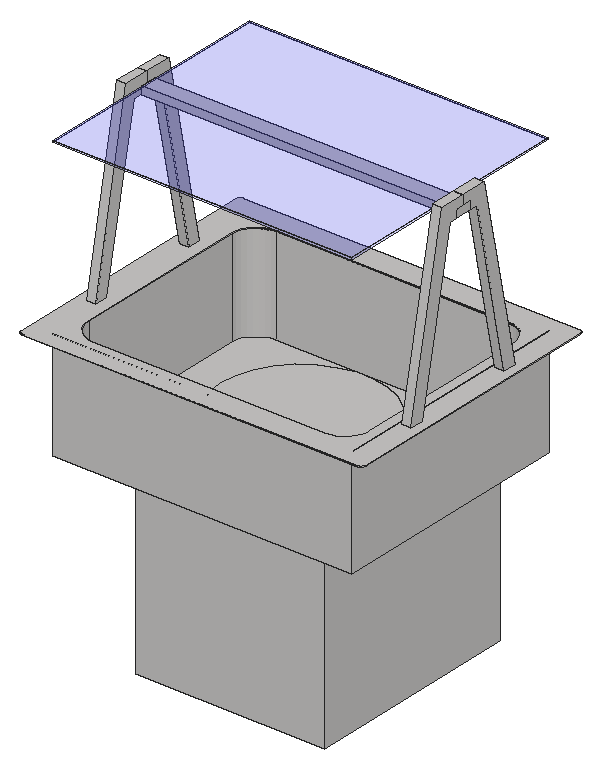
Revit family "QF_ELECTROLUXPROFESSIONAL_341174_D11C2O", category Attrezzature speciali, Revit 2020
Family settings
  Quota connettore circolare = Usa diametro
  Tipo di parte = Normale
  Basato su piano di lavoro = No
  Sempre verticale = Sì
  Taglio con vuoti quando caricato = No
  Condiviso = No
  Punto di calcolo locali = No
Parameters (values of type "Standard")
  Weight = 59.46 kg
  Watts = 0 W
  Volts = 220 V
  URL Manufacturer = "https://www.electroluxprofessional.com/"
  URL = "https://www.electroluxprofessional.com/"
  Steam Supply Size = 0 mm
  Steam Supply Minimum Pressure = 0.0 Pa
  Steam Supply Maximum Pressure = 0.0 Pa
  Steam Consumption per Hour = 0
  Refrigeration Suction Line Size = 0 mm
  Refrigeration Liquid Line Size = 0 mm
  Refrigerant Compressor Remote = yes
  Prospetto di default = 0 mm
  Produttore = "Electrolux Professional"
  Phase = 1
  Modello = "D11C2O"
  Length Actual = 770 mm  # constant formula
  Item Number = "341174"
  Hot Water Size = 0 mm
  Height Actual = 999 mm  # constant formula
  HP = "0 HP"
  Gas Size = 0 mm
  Gas KW = 0
  Gas Input Pressure = 0 W
  Direct Waste Size = 0 mm
  Descrizione = "DROP-IN REFRIGERATED WELL, STATIC WITH FAN, 2GN WITH A TYPE OVERSHELF AND LED LIGHT"
  Depth Actual = 620 mm  # constant formula
  Cycle = 50 Hz
  Condensate Return Size = 0 mm
  Compressed Air Volume = 0.0 L/s
  Compressed Air Size = 0 mm
  Compressed Air Pressure = 0.0 Pa
  Cold Water Size = 0 mm
  Accessory = yes
Reference planes
  plane 1 "BACK": y = 0
  plane 2: z = 5.426
  plane 3 "LEFT": x = 0
  plane 4: y = -620
  plane 5: z = 409.426
  plane 6: y = -310
  plane 7: x = 385
Forms (mm)
  Extrusion 1, solid, material "QF_Finishes_Stainless Steel"
    sketch origin (0, 0, 5.426) x (1, 0, 0) y (0, 1, 0)
      loop
        arc (10, 0) -> (2.929, -2.929) -> (0, -10) r 10
        line (0, -10) -> (0, -610)
        arc (0, -610) -> (2.929, -617.071) -> (10, -620) r 10
        line (10, -620) -> (760, -620)
        arc (760, -620) -> (767.071, -617.071) -> (770, -610) r 10
        line (770, -610) -> (770, -10)
        arc (770, -10) -> (767.071, -2.929) -> (760, 0) r 10
        line (760, 0) -> (10, 0)
    from 0 to 1
  Extrusion 2, solid, material "QF_Finishes_Stainless Steel"
    sketch origin (0, 0, 12.548) x (1, 0, 0) y (0, 1, 0)
      loop
        line (50, -35) -> (50, -585) -> (720, -585) -> (720, -35) -> (50, -35)
    from -251.122 to -7.122
  Extrusion 3, void
    sketch origin (0, 0, -2.817) x (1, 0, 0) y (0, 1, 0)
      loop
        arc (125, -55) -> (86.109, -71.109) -> (70, -110) r 55
        line (70, -110) -> (70, -510)
        arc (70, -510) -> (86.109, -548.891) -> (125, -565) r 55
        line (125, -565) -> (645, -565)
        arc (645, -565) -> (683.891, -548.891) -> (700, -510) r 55
        line (700, -510) -> (700, -110)
        arc (700, -110) -> (683.891, -71.109) -> (645, -55) r 55
        line (645, -55) -> (125, -55)
    from -209.107 to 9.244
  Extrusion 4, solid, material "QF_Finishes_Stainless Steel"
    sketch origin (21.5, -620, 0) x (0, -1, 0) y (0, 0, -1)
      loop
        line (-310, -409.426) -> (-250.873, -409.426) -> (-165, -5.426) -> (-195, -5.426) -> (-272.583, -370.426) -> (-310, -370.426) -> (-310, -409.426)
    from 0 to 20
  Extrusion 5, solid, material "QF_Finishes_Stainless Steel"
    sketch origin (21.5, 0, 0) x (0, 1, 0) y (0, 0, 1)
      loop
        line (-310, 409.426) -> (-310, 370.426) -> (-272.583, 370.426) -> (-195, 5.426) -> (-165, 5.426) -> (-250.873, 409.426) -> (-310, 409.426)
    from 0 to 20
  Extrusion 6, solid, material "QF_Finishes_Stainless Steel"
    sketch origin (748, -620, 0) x (0, -1, 0) y (0, 0, 1)
      loop
        line (-310, 409.426) -> (-310, 370.426) -> (-272.583, 370.426) -> (-195, 5.426) -> (-165, 5.426) -> (-250.873, 409.426) -> (-310, 409.426)
    from 0 to 20
  Extrusion 7, solid, material "QF_Finishes_Stainless Steel"
    sketch origin (748, 0, 0) x (0, 1, 0) y (0, 0, -1)
      loop
        line (-310, -409.426) -> (-250.873, -409.426) -> (-165, -5.426) -> (-195, -5.426) -> (-272.583, -370.426) -> (-310, -370.426) -> (-310, -409.426)
    from 0 to 20
  Extrusion 8, solid, material "QF_Finishes_Stainless Steel"
    sketch origin (0, 0, 0) x (0, 1, 0) y (0, 0, 1)
      loop
        line (-291.292, 370.426) -> (-291.292, 387.956) -> (-328.917, 387.956) -> (-328.917, 370.426) -> (-291.292, 370.426)
    from 21.5 to 748
  Extrusion 9, solid, material "Vetro"
    sketch origin (0, 0, 5.426) x (1, 0, 0) y (0, 1, 0)
      loop
        line (50, -35) -> (50, -585) -> (720, -585) -> (720, -35) -> (50, -35)
    from 382.529 to 387.529
  Extrusion 10, solid, material "QF_Finishes_Stainless Steel"
    sketch origin (281.31, -344.303, -643.387) x (0, 0, -1) y (0, 1, 0)
      loop
        circle (-372.814, -140.692) r 12.7
    from 5 to 70.307
  Extrusion 11, solid, material "QF_Finishes_Stainless Steel"
    sketch origin (112.975, -3, 5.426) x (1, 0, 0) y (0, 1, 0)
      loop
        circle (226.025, -481.971) r 12.675
    from -276 to -244
  Extrusion 12, solid, material "QF_Finishes_Stainless Steel"
    sketch origin (1560.693, 0, 22.375) x (-1, 0, 0) y (0, -1, 0)
      loop
        circle (1175.693, 310) r 180
    from -234.299 to -181.299
  Extrusion 13, solid, material "QF_Finishes_Stainless Steel"
    sketch origin (-25.2, 0, 0.351) x (0, 1, 0) y (0, 0, 1)
      loop
        line (-161.185, -238.924) -> (-461.185, -238.924) -> (-461.185, -268.924) -> (-161.185, -268.924) -> (-161.185, -238.924)
    from 247.74 to 572.66
  Extrusion 14, solid, material "QF_Finishes_Stainless Steel"
    sketch origin (882.74, 95, -362.649) x (0, 1, 0) y (0, 0, -1)
      loop
        line (-161.185, -124.076) -> (-161.185, 268.924) -> (-651.185, 268.924) -> (-651.185, -124.076) -> (-161.185, -124.076)
    from 247.74 to 670.28
Cuts and joins
  Extrusion 3 cuts Extrusion 1
  Extrusion 3 cuts Extrusion 2
Dimensions and locks
  equal spacing: Extrusion 1, Extrusion 2 sketch curve, Extrusion 2 sketch curve, Extrusion 1  (x2)
  Extrusion 1 to Extrusion 1 = 770 mm
  Extrusion 1 to plane 1 "BACK" = 620 mm
  equal spacing: Extrusion 2, Extrusion 3 sketch curve, Extrusion 3 sketch curve, Extrusion 2  (x2)
  plane 5 to plane 2 = 404 mm
  equal spacing: plane 3 "LEFT", plane 7, cut or joined group of Extrusion 1, Extrusion 3
  aligned and locked: level to plane 2
Automatic sketch dimensions
  Extrusion 1 sketch curve to plane 3 "LEFT" = 0 mm
  plane 4 to Extrusion 1 sketch curve = 0 mm
  plane 1 "BACK" to Extrusion 1 sketch curve = 0 mm
  plane 3 "LEFT" to Extrusion 1 sketch curve = 10 mm  (x2)
  plane 3 "LEFT" to Extrusion 2 sketch curve = 50 mm
  Extrusion 2 sketch curve to plane 4 = 35 mm
  plane 1 "BACK" to Extrusion 2 sketch curve = 35 mm
  plane 3 "LEFT" to Extrusion 3 sketch curve = 70 mm
  Extrusion 3 sketch curve to Extrusion 3 sketch curve = 55 mm  (x4)
  Extrusion 3 sketch curve to plane 4 = 55 mm
  plane 1 "BACK" to Extrusion 3 sketch curve = 110 mm
  Extrusion 4 sketch curve to plane 6 = 0 mm
  plane 5 to Extrusion 4 sketch curve = 0 mm
  Extrusion 4 sketch curve to level = 0 mm
  Extrusion 4 sketch curve to Extrusion 4 sketch curve = 37.417 mm
  Extrusion 4 sketch curve to Extrusion 4 sketch curve = 21.71 mm
  plane 6 to Extrusion 4 sketch curve = 115 mm
  Extrusion 4 sketch curve to Extrusion 4 sketch curve = 30 mm
  Extrusion 4 sketch curve to Extrusion 4 sketch curve = 39 mm
  Extrusion 5 sketch curve to plane 6 = 0 mm
  plane 5 to Extrusion 5 sketch curve = 0 mm
  Extrusion 5 sketch curve to level = 0 mm
  Extrusion 5 sketch curve to Extrusion 5 sketch curve = 37.417 mm
  Extrusion 5 sketch curve to Extrusion 5 sketch curve = 21.71 mm
  plane 6 to Extrusion 5 sketch curve = 115 mm
  Extrusion 5 sketch curve to Extrusion 5 sketch curve = 30 mm
  Extrusion 5 sketch curve to Extrusion 5 sketch curve = 39 mm
  Extrusion 6 sketch curve to plane 6 = 0 mm
  plane 5 to Extrusion 6 sketch curve = 0 mm
  Extrusion 6 sketch curve to level = 0 mm
  Extrusion 6 sketch curve to Extrusion 6 sketch curve = 37.417 mm
  Extrusion 6 sketch curve to Extrusion 6 sketch curve = 21.71 mm
  Extrusion 6 sketch curve to plane 6 = 115 mm
  Extrusion 6 sketch curve to Extrusion 6 sketch curve = 30 mm
  Extrusion 6 sketch curve to Extrusion 6 sketch curve = 39 mm
  Extrusion 7 sketch curve to plane 6 = 0 mm
  plane 5 to Extrusion 7 sketch curve = 0 mm
  Extrusion 7 sketch curve to level = 0 mm
  Extrusion 7 sketch curve to Extrusion 7 sketch curve = 37.417 mm
  Extrusion 7 sketch curve to Extrusion 7 sketch curve = 21.71 mm
  plane 6 to Extrusion 7 sketch curve = 115 mm
  Extrusion 7 sketch curve to Extrusion 7 sketch curve = 30 mm
  Extrusion 7 sketch curve to Extrusion 7 sketch curve = 39 mm
  Extrusion 8 sketch curve to plane 6 = 18.917 mm
  plane 6 to Extrusion 8 sketch curve = 18.708 mm
  plane 5 to Extrusion 8 sketch curve = 39 mm
  Extrusion 8 sketch curve to Extrusion 8 sketch curve = 17.529 mm
  plane 3 "LEFT" to Extrusion 9 sketch curve = 50 mm
  Extrusion 9 sketch curve to plane 4 = 35 mm
  plane 1 "BACK" to Extrusion 9 sketch curve = 35 mm
  Extrusion 10 sketch curve to level = 276 mm
  Extrusion 10 sketch curve to plane 4 = 135.004 mm
  Extrusion 11 sketch curve to plane 4 = 135.029 mm
  Extrusion 12 sketch curve to plane 6 = 0 mm
  Extrusion 13 sketch curve to plane 6 = 151.185 mm
  plane 6 to Extrusion 13 sketch curve = 148.815 mm
  Extrusion 13 sketch curve to level = 274 mm
  Extrusion 13 sketch curve to Extrusion 13 sketch curve = 30 mm
  Extrusion 14 sketch curve to plane 6 = 246.185 mm
  plane 6 to Extrusion 14 sketch curve = 243.815 mm
  Extrusion 14 sketch curve to level = 244 mm
  Extrusion 14 sketch curve to Extrusion 14 sketch curve = 393 mm
  plane 1 "BACK" to Extrusion 1 sketch curve = 10 mm
  Extrusion 1 sketch curve to Extrusion 1 sketch curve = 750 mm
  Extrusion 1 sketch curve to Extrusion 1 sketch curve = 10 mm
  Extrusion 2 sketch curve to Extrusion 2 sketch curve = 670 mm
  Extrusion 3 sketch curve to Extrusion 3 sketch curve = 520 mm
  Extrusion 9 sketch curve to Extrusion 9 sketch curve = 670 mm
  plane 3 "LEFT" to Extrusion 11 sketch curve = 339 mm
  plane 3 "LEFT" to Extrusion 12 sketch curve = 385 mm
  radius of Extrusion 10 sketch curve = 12.7 mm
  radius of Extrusion 11 sketch curve = 12.675 mm
  radius of Extrusion 12 sketch curve = 180 mm
Connectors
  piping at (286.31, -484.996, -270.574), diameter 25.4
    settings: on Extrusion 10, index 5, connector inside diameter 609.6 mm, connector length 0 mm, flow factor 0, pipe flow 0.0 L/s, pressure drop 0.0 Pa, fitting loss kfactor 0, connector angle 0.00°, fixture units 0, engagement length 0 mm, angle of deflection 0.00°, flow configuration 0, flow direction 0, fitting loss method 0, system type 29, joint type 0, gender type 0, connector reference index -1, connector utility 0, adjustable connector no, is connector primary yes, connector description "D"
